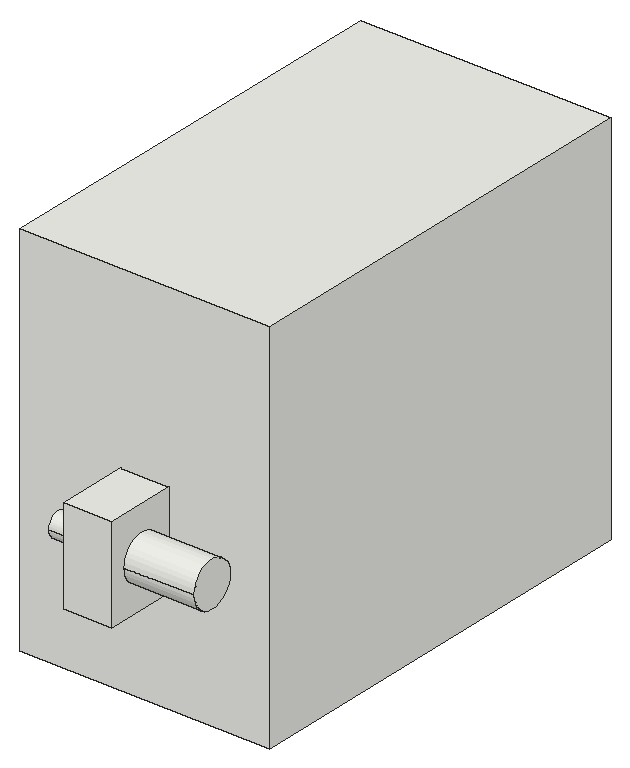
Revit family "M_Caldeira", category Equipamento mecânico, Revit 2019
Family settings
  Cota do conector redondo = Utilizar diâmetro
  Tipo de parte = Normal
  Número OmniClass = 23.75.10.11.14
  Título OmniClass = Hot Water Heat Generators
  ID de item do Seek = Boiler-0000-CAN-ENU
  Com base no plano de trabalho = Não
  Sempre na vertical = Sim
  Corte com vazios quando carregada = Não
  Compartilhado = Não
  Ponto de cálculo do ambiente = Não
Parameters (values of type "535 x 910 x 810mm")
  Material do boiler = Aço, acabamento de pintura, marfim, com brilho
  Linear = 915.00 mm
  Altura = 810.00 mm
  Largura = 535.00 mm
Reference planes
  plane 1 "Centro (Frente/Trás)": y = 0
  plane 2: z = 0
  plane 3 "Centro (Esquerda/Direita)": x = 0
  plane 4: x = -267.5
  plane 5: x = 267.5
  plane 6: y = 457.5
  plane 7: y = -457.5
  plane 8: z = 810
  plane 9: y = -482.9
  plane 10: x = -50.8
  plane 11: x = 50.8
  plane 12: y = -613.607
  plane 13: y = -530.916
  plane 14: y = -505.516
  plane 15: z = 325.02
  plane 16: z = 426.62
  plane 17: z = 223.42
  plane 18: y = -578.631
  plane 19: y = -556.016
Forms (mm)
  Extrusion 1, solid, material "Aço, acabamento de pintura, marfim, com brilho" <- "Material do boiler"
    sketch origin (0, 0, 0) x (1, 0, 0) y (0, 1, 0)
      loop
        line (-267.5, -457.5) -> (267.5, -457.5) -> (267.5, 457.5) -> (-267.5, 457.5) -> (-267.5, -457.5)
    from 0 to 810
  Extrusion 2, solid, material "Aço, acabamento de pintura, marfim, com brilho" <- "Material do boiler"
    sketch origin (-50.8, -562.507, 426.62) x (0, 1, 0) y (0, 0, -1)
      loop
        circle (31.591, 101.6) r 25.4
    from 0 to 76.2
  Extrusion 3, solid, material "Aço, acabamento de pintura, marfim, com brilho" <- "Material do boiler"
    sketch origin (50.8, -562.507, 223.42) x (0, 1, 0) y (0, 0, 1)
      loop
        circle (31.591, 101.6) r 48.016
    from 0 to 152.4
  Extrusion 4, solid, material "Aço, acabamento de pintura, marfim, com brilho" <- "Material do boiler"
    sketch origin (-267.5, -457.5, 810) x (0, 0, -1) y (1, 0, 0)
      loop
        line (586.58, 216.7) -> (586.58, 318.3) -> (383.38, 318.3) -> (383.38, 216.7) -> (586.58, 216.7)
    from 0 to 152.4
Lines and regions (mm)
  symbolic lines
    curve 1: line (-267.5, -457.5, 0) -> (267.5, -457.5, 0)
    curve 2: line (-267.5, 457.5, 0) -> (-267.5, -457.5, 0)
    curve 3: line (267.5, 457.5, 0) -> (-267.5, 457.5, 0)
    curve 4: line (267.5, -457.5, 0) -> (267.5, 457.5, 0)
    curve 10: arc (63.5, 0, 0) -> (0, 63.5, 0) -> (-63.5, 0, 0) r 63.5
    curve 11: arc (-63.5, 0, 0) -> (0, -63.5, 0) -> (63.5, 0, 0) r 63.5
    curve 14: line (-50.8, -609.9, 0) -> (50.8, -609.9, 0)
    curve 15: line (-50.8, -457.5, 0) -> (-50.8, -609.9, 0)
    curve 16: line (50.8, -457.5, 0) -> (-50.8, -457.5, 0)
    curve 17: line (50.8, -609.9, 0) -> (50.8, -457.5, 0)
    curve 18: line (50.8, -578.631, 0) -> (203.2, -578.631, 0)
    curve 19: line (50.8, -482.9, 0) -> (50.8, -578.631, 0)
    curve 20: line (203.2, -482.9, 0) -> (50.8, -482.9, 0)
    curve 21: line (203.2, -578.631, 0) -> (203.2, -482.9, 0)
    curve 22: line (-50.8, -556.016, 0) -> (-127, -556.016, 0)
    curve 23: line (-50.8, -505.516, 0) -> (-50.8, -556.016, 0)
    curve 24: line (-127, -505.516, 0) -> (-50.8, -505.516, 0)
    curve 25: line (-127, -556.016, 0) -> (-127, -505.516, 0)
  model lines
    curve 5: line (-229.4, -457.5, 771.9) -> (229.4, -457.5, 771.9)
    curve 6: line (-229.4, -457.5, 480.361) -> (-229.4, -457.5, 771.9)
    curve 7: line (229.4, -457.5, 480.361) -> (-229.4, -457.5, 480.361)
    curve 8: line (229.4, -457.5, 771.9) -> (229.4, -457.5, 480.361)
    curve 9: line (229.4, -457.5, 68.058) -> (-229.4, -457.5, 68.058)
    curve 12: line (-229.4, -457.5, 68.058) -> (-229.4, -457.5, 0)
    curve 13: line (229.4, -457.5, 68.058) -> (229.4, -457.5, 0)
Dimensions and locks
  "Altura": plane 8 to plane 2
  "Linear": plane 7 to plane 6
  equal spacing: plane 7, plane 1 "Centro (Frente/Trás)", plane 6
  equal spacing: plane 4, plane 3 "Centro (Esquerda/Direita)", plane 5
  "Largura": plane 4 to plane 5
  plane 10 to plane 11 = 101.60 mm
  equal spacing: plane 10, plane 3 "Centro (Esquerda/Direita)", plane 11, locked at 50.8 each
  locked: Extrusion 2 to plane 10 at 76.2
  locked: plane 11 to Extrusion 3 at 152.4
  locked: plane 7 to plane 13 at 73.416
  locked: plane 12 to plane 7 at 156.107
  locked: plane 15 to plane 2 at 325.02
  locked: plane 16 to plane 2 at 426.62
  locked: plane 8 to curve 5 at 38.1
  locked: curve 7 to plane 2 at 480.361
  locked: curve 9 to plane 2 at 68.058
  locked: plane 14 to plane 13 at 25.4
  locked: plane 13 to plane 9 at 48.016
  aligned and locked: plane 5 to curve 4
  aligned and locked: curve 2 to Extrusion 1 sketch curve
  aligned and locked: Extrusion 1 sketch curve to curve 1
  aligned and locked: Extrusion 1 sketch curve to curve 3
  aligned and locked: Extrusion 1 sketch curve to curve 4
  aligned and locked: plane 8 to Extrusion 1
  aligned and locked: plane 10 to Extrusion 2
  aligned and locked: Extrusion 3 to plane 11
  aligned and locked: plane 10 to Extrusion 4 sketch curve
  aligned and locked: Extrusion 4 sketch curve to plane 17
  aligned and locked: plane 16 to Extrusion 4 sketch curve
  aligned and locked: plane 11 to Extrusion 4 sketch curve
  aligned and locked: curve 25 to Extrusion 2
  aligned and locked: Extrusion 3 to curve 21
Automatic sketch dimensions
  curve 13 to level = 0.00 mm
  curve 12 to level = 0.00 mm
  curve 9 to plane 5 = 38.10 mm
  curve 8 to plane 5 = 38.10 mm
  plane 4 to curve 5 = 38.10 mm
  plane 4 to curve 12 = 38.10 mm
  Extrusion 2 sketch curve to plane 15 = 0.00 mm
  Extrusion 2 sketch curve to plane 13 = 0.00 mm
  Extrusion 3 sketch curve to plane 15 = 0.00 mm
  Extrusion 3 sketch curve to plane 13 = 0.00 mm
  Extrusion 3 sketch curve to plane 9 = 0.00 mm
  Extrusion 2 sketch curve to Extrusion 2 sketch curve = 25.40 mm
  curve 3 to plane 4 = 0.00 mm
  curve 10 to plane 1 "Centro (Frente/Trás)" = 0.00 mm
  curve 16 to plane 7 = 0.00 mm
  curve 16 to plane 10 = 0.00 mm
  curve 24 to plane 10 = 0.00 mm
  curve 11 to plane 3 "Centro (Esquerda/Direita)" = 0.00 mm
  curve 17 to plane 11 = 0.00 mm
  curve 18 to plane 11 = 0.00 mm
  curve 20 to plane 9 = 0.00 mm
  curve 21 to plane 18 = 0.00 mm
  curve 23 to plane 19 = 0.00 mm
  curve 24 to plane 14 = 0.00 mm
  curve 4 to plane 7 = 0.00 mm
  curve 3 to plane 6 = 0.00 mm
  curve 10 to plane 10 = 12.70 mm
  curve 14 to plane 12 = 3.707 mm
